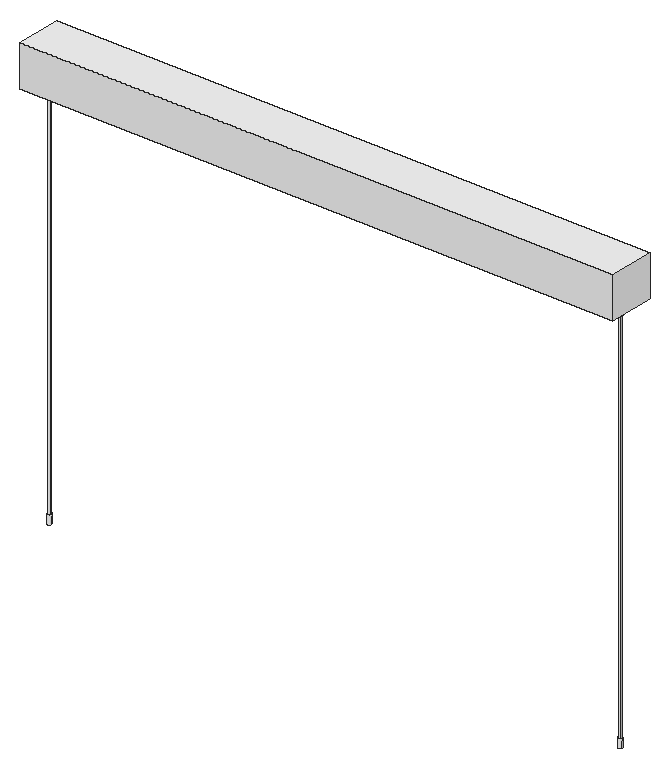
Revit family "22-P-I", category Lighting Fixtures, host Face, Revit 2014
Parameters (values of type "22-P-I-03")
  Wattage = 4 W
  Warranty = "1-Years Warranty"  # constant formula
  built-in parameter 1150110 = 1 (stored number, unit not read)
  Voltage = 120 V
  Type Comments = "Lighting Fixture"  # constant formula
  built-in parameter 1114217 = 1 (stored number, unit not read)
  Tilt Angle = -90.00°
  built-in parameter 1150109 = 1 (stored number, unit not read)
  built-in parameter 1150134 = (empty or 0)
  built-in parameter 1150113 = 1 (stored number, unit not read)
  Product Page URL = "https://www.hubbell.com/litecontrol/en/Products/Lighting-Controls/Commercial-Indoor-Lighting/Pendant-Lighting/MOD-22-Pendant-Indirect/p/277648"
  Product Documentation Link = "https://hubbellcdn.com/specsheet/22_p_i.pdf"
  Power Factor = 1
  Photometric Web File = "22-P-D-04-BW-Cx-T5HO.ies"
  Photometric Notes = "More IES files download on Photometric Link"  # constant formula
  Photometric Link = "https://www.hubbell.com/litecontrol/en/Products/Lighting-Controls/Commercial-Indoor-Lighting/Pendant-Lighting/MOD-22-Pendant-Indirect/p/277648#prod-photometry-section"
  Pendant Height [instance] = 24.00"
  zz Length 1 = 36.00"
  Wattage Comments = ""
  URL = "https://www.hubbell.com/litecontrol/en/"
  Mounting = "Pendant"  # constant formula
  Model = "22-P-I"  # constant formula
  Manufacturer = "Litecontrol Lighting"  # constant formula
  built-in parameter 1150105 = 39.789 (stored number, unit not read)
  Lumens = 500 lm
  built-in parameter 1150115 = 1 (stored number, unit not read)
  Load Classification = Lighting
  built-in parameter 1150137 = (empty or 0)
  built-in parameter 1150139 = (empty or 0)
  built-in parameter 1150112 = 1 (stored number, unit not read)
  built-in parameter 1150114 = 1 (stored number, unit not read)
  Lamp = "Fluorescent"  # constant formula
  built-in parameter 1150132 = (empty or 0)
  built-in parameter 1150102 = (empty or 0)
  built-in parameter 1150107 = 3500 (stored number, unit not read)
  built-in parameter 1150138 = (empty or 0)
  built-in parameter 1150106 = 0.39789 (stored number, unit not read)
  Glass = Glass - Hubbell - White
  Fixture Distribution = "Indirect"  # constant formula
  Emit from Rectangle Width = zz Length 1 - 2.00"  # 34.00"
  Emit from Rectangle Length = 2.00"  # constant formula
  Emit Shape Visible in Rendering = no
  built-in parameter 1150104 = 11.613 (stored number, unit not read)
  Dimming Lamp Color Temperature Shift = <None>
  Description = "Small-scale extruded aluminum fixture available with three lamp choices with a lens or baffle on the downlight portion, allowing for greater design flexibility. Its small housing provides a clean, minimalist look in both small and large areas"  # constant formula
  Default Elevation = 48.00"
  Copyright = "Copyright © 2020 Litecontrol"  # constant formula
  Contact Us = "https://www.hubbell.com/litecontrol/en/contactUs"
  Color Filter = 16777215
  built-in parameter 1114218 = 1 (stored number, unit not read)
  Housing Material = Paint - Hubbell - Matte White
  built-in parameter 1150133 = 10 (stored number, unit not read)
  Assembly Code = "D5020200"
  Application = "Commercial Indoor, Library, Office, Public Space, Retail"  # constant formula
  Apparent Load = 0 VA
Types (6): name | zz Length 1 | Emit from Rectangle Width
  (no name) | 36.00" | 34.00"
  22-P-I-04 | 48.00" | 46.00"
  22-P-I-03 | 36.00" | 34.00"
  22-P-I-06 | 72.00" | 70.00"
  22-P-I-08 | 96.00" | 94.00"
  22-P-I-12 | 144.00" | 142.00"
Reference planes (in)
  plane 1 "Center (Front/Back)": y = 13.01342
  plane 2: z = 0
  plane 3 "Center (Left/Right)": x = 0
  plane 4: z = 24
  plane 5: x = -18
  plane 6: x = 18
  plane 7: x = -17.3125
  plane 8: x = 17.3125
  plane 9: z = 0.5
  plane 10: z = 24.5
Forms (in)
  Revolve 1, solid, material "Paint - Hubbell - Matte White" <- "Housing Material"
    sketch origin (-5.75, 13.01342, 0) x (-1, 0, 0) y (0, 0, 1)
      loop
        line (-23.0625, 24) -> (-23.0625, 0) -> (-22.9375, 0) -> (-22.9375, 0.5) -> (-23, 0.5) -> (-23, 23.5) -> (-22.9375, 23.5) -> (-22.9375, 24) -> (-23.0625, 24)
      axis (-23.0625, 24) -> (-23.0625, 0)
    angle from 0 to 360
  Revolve 2, solid, material "Paint - Hubbell - Matte White" <- "Housing Material"
    sketch origin (5.75, 13.01342, 0) x (1, 0, 0) y (0, 0, 1)
      loop
        line (-23.0625, 24) -> (-23.0625, 0) -> (-22.9375, 0) -> (-22.9375, 0.5) -> (-23, 0.5) -> (-23, 23.5) -> (-22.9375, 23.5) -> (-22.9375, 24) -> (-23.0625, 24)
      axis (-23.0625, 24) -> (-23.0625, 0)
    angle from 0 to 360
Dimensions and locks (in)
  "Pendant Height": plane 4 to level
  equal spacing: plane 6, plane 3 "Center (Left/Right)", plane 5
  "zz Length 1": plane 6 to plane 5
  locked: plane 9 to plane 2 at 0.5
  locked: plane 7 to plane 5 at 0.6875
  locked: plane 6 to plane 8 at 0.6875
  plane 10 to plane 4 = 0.50"
  aligned and locked: plane 2 to host face
  aligned and locked: level to host face
  aligned and locked: Revolve 1 sketch curve to Revolve 1 sketch curve
  aligned and locked: Revolve 1 sketch curve to plane 8
  aligned and locked: plane 4 to Revolve 1 sketch curve
  aligned and locked: Revolve 1 sketch curve to level
  aligned and locked: plane 3 "Center (Left/Right)" to nested 1
  aligned and locked: plane 1 "Center (Front/Back)" to nested 1
  aligned and locked: Revolve 2 sketch curve to Revolve 2 sketch curve
  aligned and locked: plane 9 to Revolve 2
  aligned and locked: Revolve 1 to plane 9
  aligned and locked: plane 10 to imposter light
  aligned and locked: plane 3 "Center (Left/Right)" to imposter light
Automatic sketch dimensions
  host sketch curve to host sketch curve = 96.00"  (x2)
  Revolve 1 sketch curve to plane 9 = 0.00"
  plane 8 to Revolve 1 sketch curve = 0.0625"
  plane 8 to Revolve 1 sketch curve = 0.125"
  Revolve 1 sketch curve to Revolve 1 sketch curve = 0.0625"
  Revolve 1 sketch curve to plane 9 = 0.66777"
  Revolve 1 sketch curve to Revolve 1 sketch curve = 9.83778"
  Revolve 2 sketch curve to plane 7 = 0.00"
  plane 9 to Revolve 2 sketch curve = 0.00"
  Revolve 2 sketch curve to level = 0.00"
  Revolve 2 sketch curve to plane 4 = 0.00"
  plane 7 to Revolve 2 sketch curve = 0.0625"
  plane 7 to Revolve 2 sketch curve = 0.125"
  Revolve 2 sketch curve to Revolve 2 sketch curve = 0.0625"
  plane 9 to Revolve 2 sketch curve = 0.66777"
  Revolve 2 sketch curve to Revolve 2 sketch curve = 9.83778"
  plane 4 to Revolve 1 sketch curve = 0.50"
  Revolve 2 sketch curve to plane 4 = 0.50"
Nested families (in)
  nested 1: "22-P" at (-0.01104, 12.97343, 24), Glass <- "Glass", Backbox <- "Housing Material", Length <- "zz Length 1", type "22-P"
    with Length 36.00", Glass Glass - Hubbell - White, Backbox Paint - Hubbell - Matte White
Connectors (in)
  electrical at (0, 13.01342, 24), driven by "Load Classification", driven by "Voltage", driven by "Apparent Load", driven by "Power Factor"
    settings: on nested 1, index 1, voltage 120 V, apparent load 0 VA, apparent load phase1 0 VA, apparent load phase2 0 VA, apparent load phase3 0 VA, power factor 1, load classification "Lighting", number of poles 1, system type 30, power factor state 1, is connector primary yes, connector utility no, sub classification motor no, connector description "Electrical Connector"
Definition of nested family "22-P"
  Parameters (values of type "22-P")
    Wattage Comments = ""
    URL = ""
    Model = ""
    Manufacturer = ""
    Length [instance] = 48.00"
    Lamp = ""
    Glass [instance] = none
    Description = ""
    Default Elevation = 48.00"
    Backbox [instance] = none
    Apparent Load = 0 VA
  Reference planes (in)
    plane 1 "Center (Front/Back)": y = 0.03999
    plane 2: z = 0
    plane 3 "Center (Left/Right)": x = 0.01104
    plane 4: z = 2.5
    plane 5: z = 1
    plane 6: x = -23.98896
    plane 7: x = 24.01104
    plane 8: x = -22.98896
    plane 9: x = 23.01104
    plane 10: y = 1.28999
    plane 11: y = -1.21001
    plane 12: y = -1.33501
    plane 13: y = 1.41499
    plane 14: z = 0.125
  Forms (in)
    Extrusion 1, solid
      sketch origin (0, 0, 0.06357) x (1, 0, 0) y (0, 1, 0)
        loop
          line (-48, 48) -> (-48, -48) -> (48, -48) -> (48, 48) -> (-48, 48)
      from -0.06357 to -12.81105
    Extrusion 2, void
      sketch origin (-23.78896, 8.13374, 2) x (0, -1, 0) y (1, 0, 0)
        loop
          line (6.84375, 0.8) -> (9.34375, 0.8) -> (9.34375, 46.8) -> (6.84375, 46.8) -> (6.84375, 0.8)
      from -1 to -2
    Extrusion 3, solid, material <- "Backbox"
      sketch origin (0.01104, 0, 0) x (0, 1, 0) y (0, 0, 1)
        loop
          line (1.41499, 2.5) -> (-1.33501, 2.5) -> (-1.33501, 0) -> (1.41499, 0) -> (1.41499, 2.5)
      from -24 to 24
    Extrusion 4, solid, material <- "Glass"
      sketch origin (0, 0, 4.3125) x (0, -1, 0) y (1, 0, 0)
        loop
          line (-1.28999, -22.98896) -> (1.21001, -22.98896) -> (1.21001, 23.01104) -> (-1.28999, 23.01104) -> (-1.28999, -22.98896)
      from -4.3125 to -4.1875
  Cuts and joins
    Extrusion 2 cuts Extrusion 3
  Dimensions and locks (in)
    "Length": plane 7 to plane 6
    locked: plane 8 to plane 6 at 1
    locked: plane 7 to plane 9 at 1
    equal spacing: plane 7, plane 3 "Center (Left/Right)", plane 6
    plane 10 to plane 11 = 2.50"
    equal spacing: plane 10, plane 1 "Center (Front/Back)", plane 11
    plane 12 to plane 13 = 2.75"
    plane 12 to plane 1 "Center (Front/Back)" = 1.375"
    equal spacing: plane 13, plane 1 "Center (Front/Back)", plane 12
    plane 4 to plane 2 = 2.50"
    plane 14 to plane 2 = 0.125"
    locked: plane 5 to plane 2 at 1
    aligned and locked: plane 2 to Extrusion 1
    aligned and locked: plane 10 to Extrusion 2 sketch curve
    aligned and locked: plane 11 to Extrusion 2 sketch curve
    aligned and locked: plane 4 to Extrusion 3 sketch curve
    aligned and locked: plane 13 to Extrusion 3 sketch curve
    aligned and locked: Extrusion 3 sketch curve to level
    aligned and locked: plane 12 to Extrusion 3 sketch curve
    aligned and locked: Extrusion 3 to plane 6
    aligned and locked: plane 7 to Extrusion 3
    aligned and locked: plane 9 to Extrusion 2
    aligned and locked: Extrusion 2 to plane 8
    aligned and locked: cut or joined group of Extrusion 2, Extrusion 3 to plane 2
    aligned and locked: Extrusion 4 to plane 2
    aligned and locked: plane 14 to Extrusion 4
    aligned and locked: plane 5 to cut or joined group of Extrusion 2, Extrusion 3
  Automatic sketch dimensions
    Extrusion 1 sketch curve to Extrusion 1 sketch curve = 96.00"  (x2)
    Extrusion 2 sketch curve to plane 8 = 0.00"
    Extrusion 2 sketch curve to plane 9 = 0.00"
    Extrusion 4 sketch curve to plane 9 = 0.00"
    plane 10 to Extrusion 4 sketch curve = 0.00"
    Extrusion 4 sketch curve to plane 8 = 0.00"
    Extrusion 4 sketch curve to plane 11 = 0.00"
